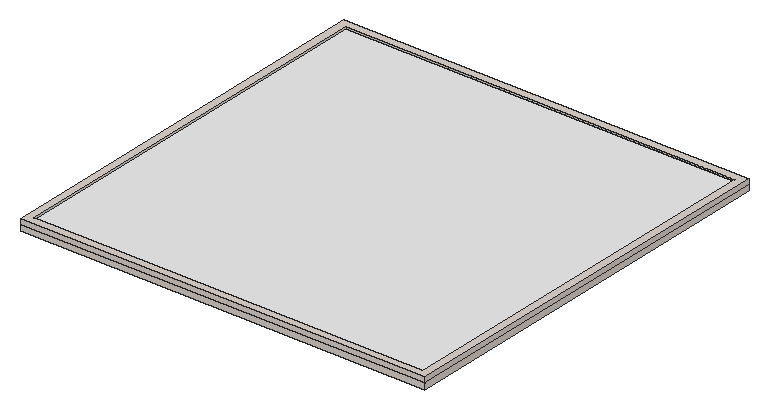
Revit family "SKY LED FLAT PANEL", category Lighting Fixtures, host Face, Revit 2020 (continued)
Types (13): name | Wattage | WATTS | built-in parameter 1150134 | Replaces/Equiv.(MH) | Photometric Web File | Order number | built-in parameter 1150142 | Model | built-in parameter 1150105 | Lumens | built-in parameter 1150107 | built-in parameter 1150106 | Fixture Width | Fixture Length | Default Elevation | Apparent Load
       1.57     1.64     1.71     1.78     1.84     1.91     1.97     2.02     2.09     \r\n 2.15     2.21     2.28     2.34     2.39     2.45     2.50     2.55     2.59     2.64     \r\n 2.67     2.69     2.73     2.75     2.77     2.80     2.83     2.84     2.87     2.90     \r\n 2.92     2.93     2.96     2.98     3.00     3.02     3.04     3.06     3.08     3.10     \r\n 3.13     3.15     3.17     3.20     3.23     3.25     3.28     3.31     3.34     3.37     \r\n 3.40     3.43     3.46     3.50     3.53     3.57     3.60     3.62     3.64     3.66     \r\n 3.66     3.65     3.65     3.63     3.62     3.61     3.61     3.60     3.59     3.58     \r\n 3.58     3.57     3.57     3.56     3.56     3.55     3.55     3.54     3.54     3.54     \r\n 3.15     \r\n1254.92  1255.16  1253.01  1254.07  1251.44  1248.98  1248.20  1245.78  1240.70  1236.62  \r\n 1234.17  1228.60  1225.15  1219.93  1214.68  1209.00  1201.02  1195.86  1188.54  1180.47  \r\n 1171.85  1164.58  1153.78  1145.94  1136.52  1125.94  1116.67  1105.36  1094.92  1083.57  \r\n 1072.39  1059.32  1047.01  1034.76  1020.01  1006.46  993.27   979.81   965.71   951.53   \r\n 936.56   920.55   904.06   888.22   871.43   855.15   837.75   821.39   802.90   785.09   \r\n 766.74   750.17   730.05   711.92   692.35   674.44   653.26   634.32   614.29   594.55   \r\n 573.22   553.33   532.88   512.14   490.29   470.15   448.49   427.08   406.02   385.12   \r\n 363.88   342.10   321.56   300.59   279.76   259.08   239.10   219.27   199.35   180.00   \r\n 161.34   142.53   124.62   107.03   89.95    73.39    58.20    43.03    28.16    13.83    \r\n 2.35     1.01     1.06     1.14     1.21     1.29     1.38     1.45     1.53     1.61     \r\n 1.68     1.76     1.84     1.91     1.98     2.05     2.12     2.18     2.24     2.31     \r\n 2.38     2.45     2.52     2.58     2.64     2.70     2.76     2.81     2.87     2.90     \r\n 2.93     2.96     2.98     3.00     3.02     3.04     3.05     3.06     3.07     3.09     \r\n 3.10     3.11     3.13     3.13     3.15     3.16     3.17     3.18     3.19     3.20     \r\n 3.20     3.22     3.23     3.25     3.26     3.29     3.33     3.38     3.44     3.47     \r\n 3.48     3.51     3.53     3.55     3.58     3.61     3.63     3.67     3.70     3.74     \r\n 3.76     3.79     3.78     3.76     3.75     3.75     3.74     3.73     3.72     3.71     \r\n 3.70     3.70     3.69     3.68     3.68     3.67     3.66     3.65     3.65     3.65     \r\n 3.15     \r\n1254.92  1254.03  1251.71  1251.63  1251.58  1247.40  1245.96  1243.11  1239.67  1236.03  \r\n 1231.07  1226.50  1221.82  1218.20  1210.63  1204.83  1197.42  1192.45  1184.85  1176.45  \r\n 1168.73  1160.44  1151.08  1141.59  1133.66  1122.35  1113.17  1101.51  1092.11  1079.18  \r\n 1068.39  1056.57  1043.96  1032.44  1019.28  1006.29  991.17   977.81   962.84   949.29   \r\n 933.95   919.30   902.81   886.61   870.04   853.95   837.35   820.78   803.11   785.45   \r\n 767.05   749.41   730.85   711.16   693.29   674.50   653.46   634.86   614.48   595.37   \r\n 574.54   553.65   533.02   512.05   492.07   470.60   449.40   428.41   407.59   385.77   \r\n 365.18   343.34   322.87   301.72   281.58   260.21   240.52   220.51   200.72   181.06   \r\n 162.25   143.98   125.71   107.96   90.90    74.46    58.56    43.46    28.34    14.08    \r\n 2.75     1.12     1.08     1.15     1.23     1.31     1.38     1.46     1.54     1.61     \r\n 1.68     1.76     1.83     1.91     1.98     2.05     2.12     2.18     2.24     2.31     \r\n 2.38     2.45     2.51     2.57     2.63     2.69     2.74     2.80     2.85     2.88     \r\n 2.91     2.94     2.97     2.99     3.02     3.04     3.06     3.08     3.10     3.12     \r\n 3.13     3.15     3.17     3.18     3.20     3.21     3.22     3.24     3.25     3.26     \r\n 3.28     3.29     3.31     3.32     3.33     3.38     3.42     3.48     3.55     3.58     \r\n 3.61     3.64     3.67     3.70     3.74     3.76     3.79     3.82     3.83     3.83     \r\n 3.83     3.82     3.81     3.79     3.78     3.76     3.75     3.74     3.73     3.72     \r\n 3.71     3.69     3.68     3.67     3.66     3.65     3.63     3.63     3.62     3.61     \r\n 3.15     \r\n1254.92  1252.30  1252.90  1249.43  1249.84  1245.22  1242.78  1241.96  1237.45  1233.36  \r\n 1228.67  1224.55  1219.43  1213.87  1209.55  1201.48  1195.79  1187.12  1181.31  1173.63  \r\n 1166.32  1157.27  1148.93  1139.47  1129.22  1120.22  1110.42  1100.38  1089.56  1077.23  \r\n 1065.32  1054.87  1040.12  1027.56  1016.40  1003.16  988.82   974.80   961.37   945.54   \r\n 930.88   916.30   901.56   884.92   869.73   853.58   835.78   819.54   803.00   785.14   \r\n 767.72   750.29   731.48   712.76   694.12   675.17   654.15   635.22   615.63   595.55   \r\n 575.49   554.04   533.53   513.02   491.54   470.05   449.20   428.10   406.37   385.46   \r\n 363.25   341.89   320.85   299.84   279.17   258.38   237.93   217.70   197.73   178.29   \r\n 159.06   140.29   122.30   104.62   87.61    71.66    55.73    40.57    25.60    11.57    \r\n 1.73     1.13     1.12     1.19     1.26     1.34     1.41     1.49     1.56     1.64     \r\n 1.72     1.79     1.87     1.94     2.01     2.08     2.14     2.21     2.27     2.34     \r\n 2.40     2.47     2.53     2.59     2.64     2.69     2.75     2.79     2.83     2.87     \r\n 2.91     2.93     2.96     2.99     3.01     3.04     3.06     3.08     3.11     3.13     \r\n 3.14     3.17     3.18     3.20     3.21     3.23     3.25     3.26     3.27     3.29     \r\n 3.31     3.32     3.34     3.35     3.38     3.41     3.46     3.53     3.60     3.63     \r\n 3.66     3.68     3.71     3.73     3.74     3.75     3.76     3.77     3.77     3.77     \r\n 3.75     3.74     3.73     3.71     3.71     3.70     3.68     3.67     3.66     3.64     \r\n 3.62     3.61     3.60     3.58     3.57     3.56     3.55     3.54     3.52     3.52     \r\n 3.15     \r\n1254.92  1253.40  1254.98  1252.71  1249.84  1246.92  1244.38  1242.34  1239.39  1234.85  \r\n 1230.18  1225.81  1220.57  1215.88  1208.96  1202.83  1197.24  1190.34  1181.55  1176.15  \r\n 1168.20  1159.17  1151.57  1141.56  1132.54  1121.86  1113.24  1102.71  1092.83  1081.69  \r\n 1070.89  1058.38  1045.61  1033.75  1020.99  1010.03  996.02   982.71   968.16   954.84   \r\n 938.74   925.59   909.51   894.18   877.80   861.64   845.07   829.44   810.91   793.70   \r\n 775.86   757.87   738.52   719.70   700.88   680.69   660.30   641.02   620.92   600.55   \r\n 578.50   558.27   537.31   515.71   494.43   473.63   451.04   429.68   408.83   386.87   \r\n 365.28   343.57   322.69   300.96   280.16   259.03   238.73   218.22   198.30   178.71   \r\n 159.33   140.89   122.44   104.86   87.47    71.11    55.25    40.19    25.22    11.53    \r\n 1.85     1.15     1.14     1.22     1.29     1.36     1.44     1.51     1.59     1.66     \r\n 1.74     1.81     1.88     1.96     2.02     2.09     2.16     2.23     2.29     2.35     \r\n 2.42     2.47     2.54     2.60     2.65     2.71     2.75     2.80     2.83     2.87     \r\n 2.91     2.94     2.97     3.00     3.03     3.06     3.08     3.10     3.12     3.14     \r\n 3.15     3.17     3.19     3.20     3.22     3.23     3.24     3.26     3.27     3.29     \r\n 3.30     3.32     3.33     3.35     3.37     3.41     3.45     3.49     3.52     3.53     \r\n 3.54     3.54     3.56     3.56     3.56     3.56     3.56     3.56     3.56     3.56     \r\n 3.55     3.54     3.53     3.53     3.52     3.51     3.51     3.50     3.49     3.48     \r\n 3.47     3.46     3.45     3.44     3.43     3.41     3.40     3.39     3.38     3.37     \r\n 3.15     \r\n1254.92  1255.55  1254.55  1252.13  1249.32  1247.64  1243.25  1242.45  1237.08  1232.42  \r\n 1229.99  1224.95  1219.02  1214.10  1208.64  1203.25  1197.63  1189.77  1183.51  1175.77  \r\n 1168.04  1159.99  1151.20  1143.25  1133.12  1123.79  1113.69  1105.15  1095.25  1082.80  \r\n 1072.88  1061.95  1049.78  1038.31  1027.11  1013.09  1000.85  986.41   973.20   958.94   \r\n 945.14   929.30   914.06   898.01   880.97   864.28   847.74   829.28   812.13   793.10   \r\n 775.49   756.95   736.69   717.57   697.80   678.60   658.18   638.20   617.14   597.32   \r\n 576.44   555.31   533.98   512.96   491.05   469.90   447.91   426.62   404.68   383.72   \r\n 361.19   339.56   318.23   297.20   276.02   255.15   234.38   213.63   193.84   174.00   \r\n 155.02   136.23   117.71   100.04   82.97    67.08    51.20    36.16    21.72    8.85     \r\n 1.48     1.15     1.18     1.25     1.33     1.40     1.48     1.55     1.63     1.70     \r\n 1.78     1.85     1.92     1.99     2.06     2.12     2.19     2.26     2.32     2.39     \r\n 2.45     2.51     2.58     2.64     2.68     2.72     2.77     2.81     2.85     2.88     \r\n 2.92     2.95     2.98     3.01     3.03     3.05     3.08     3.10     3.12     3.14     \r\n 3.15     3.17     3.18     3.20     3.22     3.23     3.24     3.26     3.28     3.29     \r\n 3.31     3.33     3.35     3.37     3.39     3.41     3.44     3.45     3.47     3.48     \r\n 3.49     3.50     3.51     3.51     3.51     3.51     3.50     3.49     3.48     3.47     \r\n 3.46     3.45     3.44     3.43     3.42     3.41     3.39     3.39     3.37     3.36     \r\n 3.35     3.34     3.33     3.32     3.31     3.30     3.29     3.27     3.26     3.25     \r\n 3.15     \r\n1254.92  1255.07  1254.00  1250.21  1250.15  1247.56  1243.30  1240.58  1236.37  1232.27  \r\n 1229.62  1225.10  1221.15  1214.90  1207.87  1204.17  1198.19  1190.59  1183.56  1175.77  \r\n 1169.23  1163.32  1153.74  1145.89  1138.51  1128.18  1120.74  1108.73  1100.47  1089.64  \r\n 1080.00  1067.81  1056.88  1044.96  1030.96  1019.46  1005.55  991.13   976.56   962.18   \r\n 947.35   930.10   916.13   899.55   882.50   865.37   849.43   830.43   812.04   794.37   \r\n 775.68   758.01   738.96   719.28   700.01   679.84   659.51   639.44   619.12   598.76   \r\n 578.40   557.09   534.64   514.55   492.89   470.86   449.24   427.69   405.66   384.50   \r\n 362.55   340.63   319.35   297.59   276.68   255.24   234.91   213.94   194.12   174.33   \r\n 155.42   136.51   117.99   100.19   82.77    66.54    50.48    35.88    21.23    8.99     \r\n 1.44     1.14     1.19     1.26     1.34     1.41     1.49     1.56     1.63     1.71     \r\n 1.78     1.85     1.93     1.99     2.07     2.14     2.20     2.27     2.34     2.40     \r\n 2.46     2.51     2.56     2.61     2.66     2.70     2.74     2.78     2.81     2.84     \r\n 2.88     2.90     2.93     2.96     2.98     3.01     3.02     3.05     3.06     3.08     \r\n 3.09     3.11     3.12     3.14     3.16     3.17     3.19     3.21     3.23     3.25     \r\n 3.27     3.29     3.31     3.33     3.34     3.37     3.37     3.38     3.37     3.36     \r\n 3.36     3.36     3.35     3.34     3.34     3.33     3.32     3.32     3.30     3.30     \r\n 3.29     3.28     3.28     3.27     3.26     3.26     3.25     3.26     3.25     3.24     \r\n 3.23     3.22     3.22     3.21     3.20     3.19     3.18     3.18     3.17     3.17     \r\n 3.15     \r\n1254.92  1253.61  1252.11  1249.95  1248.20  1245.74  1242.01  1238.78  1234.14  1231.61  \r\n 1226.98  1223.01  1219.47  1211.70  1208.99  1201.48  1196.08  1190.37  1183.05  1177.52  \r\n 1170.94  1162.16  1155.22  1146.55  1138.90  1129.81  1120.55  1111.42  1101.30  1090.84  \r\n 1079.75  1068.85  1056.84  1044.57  1030.25  1017.49  1003.75  989.42   974.05   959.23   \r\n 944.99   928.03   913.07   895.68   878.83   862.08   845.25   827.71   810.48   792.41   \r\n 773.91   754.04   736.42   716.29   696.52   677.39   657.60   636.56   616.60   595.96   \r\n 575.05   554.00   532.54   510.92   489.94   467.91   446.21   424.19   402.91   380.96   \r\n 359.07   337.14   315.10   294.16   272.57   251.64   230.79   210.11   190.21   170.23   \r\n 151.04   131.81   113.66   95.72    78.56    62.89    47.21    32.64    18.62    6.73     \r\n 1.27     1.15     1.21     1.29     1.37     1.45     1.52     1.59     1.67     1.74     \r\n 1.81     1.89     1.96     2.03     2.10     2.17     2.23     2.30     2.36     2.41     \r\n 2.47     2.51     2.56     2.61     2.65     2.69     2.73     2.76     2.79     2.83     \r\n 2.86     2.88     2.91     2.93     2.95     2.97     2.99     3.01     3.02     3.04     \r\n 3.06     3.07     3.09     3.11     3.12     3.14     3.15     3.16     3.18     3.19     \r\n 3.20     3.21     3.22     3.23     3.24     3.23     3.23     3.22     3.22     3.22     \r\n 3.21     3.21     3.20     3.19     3.18     3.17     3.16     3.15     3.14     3.13     \r\n 3.12     3.11     3.11     3.10     3.10     3.10     3.10     3.10     3.10     3.10     \r\n 3.10     3.10     3.10     3.10     3.10     3.10     3.10     3.10     3.10     3.10     \r\n 3.15     \r\n1254.92  1252.21  1251.66  1249.02  1245.97  1244.54  1241.25  1238.12  1236.41  1232.01  \r\n 1226.50  1223.21  1217.66  1214.87  1209.42  1203.83  1198.13  1191.09  1184.90  1180.28  \r\n 1171.80  1165.35  1157.53  1149.88  1140.62  1133.45  1124.65  1112.90  1102.82  1093.58  \r\n 1080.91  1071.84  1059.38  1045.80  1032.12  1019.12  1006.03  991.08   976.54   960.88   \r\n 946.49   929.89   914.02   898.88   881.30   864.81   847.10   829.73   811.27   794.31   \r\n 775.78   755.69   737.24   718.05   698.20   678.87   658.50   638.14   617.55   596.31   \r\n 575.33   554.35   532.47   511.65   489.75   468.32   446.08   424.41   402.77   380.44   \r\n 358.61   336.48   315.18   293.28   272.64   250.67   230.29   209.64   189.47   169.60   \r\n 150.63   131.67   113.18   95.74    78.24    62.29    46.67    32.51    18.61    6.71     \r\n 1.14     1.14     1.22     1.29     1.36     1.44     1.51     1.59     1.66     1.74     \r\n 1.81     1.89     1.96     2.03     2.10     2.16     2.22     2.28     2.33     2.39     \r\n 2.43     2.48     2.53     2.56     2.60     2.64     2.68     2.71     2.74     2.77     \r\n 2.80     2.83     2.85     2.87     2.89     2.90     2.92     2.94     2.95     2.96     \r\n 2.98     2.99     2.99     3.01     3.02     3.02     3.03     3.04     3.05     3.06     \r\n 3.08     3.08     3.08     3.08     3.08     3.07     3.07     3.07     3.06     3.05     \r\n 3.04     3.02     3.00     3.00     2.99     2.98     2.97     2.96     2.95     2.95     \r\n 2.95     2.95     2.95     2.95     2.96     2.96     2.97     2.98     2.99     2.99     \r\n 3.01     3.01     3.02     3.03     3.05     3.05     3.06     3.07     3.08     3.08     \r\n 3.15     \r\n1254.92  1251.39  1250.95  1250.01  1246.95  1244.14  1242.08  1239.10  1235.58  1230.71  \r\n 1228.01  1223.85  1221.19  1214.27  1211.15  1206.16  1199.23  1193.36  1186.73  1180.86  \r\n 1173.71  1167.24  1158.66  1152.09  1143.16  1135.44  1124.93  1116.24  1105.32  1094.10  \r\n 1083.10  1071.25  1058.59  1045.17  1033.73  1018.30  1004.33  990.28   976.52   961.64   \r\n 946.51   929.51   913.00   896.85   879.30   862.33   844.61   826.44   808.87   790.36   \r\n 771.18   752.38   732.75   712.56   692.48   673.28   652.43   632.98   611.83   590.58   \r\n 569.05   548.64   526.59   505.77   483.45   461.92   439.87   418.05   396.08   374.22   \r\n 352.72   331.22   309.21   288.02   266.31   245.55   224.87   204.32   184.16   164.62   \r\n 145.41   126.61   108.71   91.04    74.31    58.63    43.61    29.60    16.40    4.84     \r\n 1.20     1.15     1.22     1.30     1.37     1.45     1.53     1.60     1.68     1.75     \r\n 1.82     1.90     1.97     2.03     2.10     2.16     2.22     2.28     2.33     2.37     \r\n 2.42     2.47     2.51     2.55     2.59     2.63     2.65     2.69     2.72     2.74     \r\n 2.76     2.78     2.80     2.82     2.83     2.85     2.86     2.87     2.88     2.89     \r\n 2.90     2.91     2.91     2.92     2.92     2.92     2.93     2.93     2.94     2.94     \r\n 2.95     2.95     2.95     2.95     2.95     2.94     2.92     2.91     2.90     2.88     \r\n 2.87     2.86     2.86     2.85     2.84     2.84     2.84     2.84     2.84     2.85     \r\n 2.86     2.87     2.88     2.89     2.90     2.92     2.94     2.96     2.97     2.99     \r\n 3.01     3.02     3.04     3.05     3.07     3.07     3.09     3.09     3.10     3.12     \r\n 3.15     \r\n1254.92  1253.35  1252.72  1249.35  1247.31  1246.66  1243.10  1239.29  1237.19  1232.
    74  \r\n 1229.93  1226.33  1220.11  1217.47  1213.53  1207.99  1202.17  1195.15  1190.30  1183.69  \r\n 1176.55  1170.50  1163.31  1153.55  1145.50  1135.67  1128.26  1116.88  1106.88  1097.05  \r\n 1084.17  1073.95  1061.00  1047.86  1035.25  1021.06  1007.24  992.94   977.75   962.64   \r\n 945.25   929.95   914.34   896.98   878.74   861.86   844.32   826.22   807.31   789.33   \r\n 770.10   750.86   730.87   711.95   691.64   671.86   651.63   631.13   610.09   589.98   \r\n 568.29   547.99   526.09   505.29   483.63   461.29   439.65   418.25   396.22   373.77   \r\n 353.17   330.76   309.75   287.96   266.82   245.42   224.96   204.47   184.76   165.04   \r\n 146.31   127.59   109.32   91.84    75.08    59.35    43.97    30.38    17.15    5.29     \r\n 1.09     1.10     1.19     1.27     1.35     1.43     1.51     1.59     1.66     1.74     \r\n 1.81     1.88     1.95     2.02     2.08     2.15     2.20     2.25     2.31     2.36     \r\n 2.41     2.45     2.49     2.53     2.56     2.60     2.63     2.65     2.68     2.71     \r\n 2.73     2.74     2.77     2.78     2.79     2.80     2.81     2.83     2.83     2.84     \r\n 2.84     2.84     2.84     2.84     2.84     2.84     2.84     2.84     2.84     2.84     \r\n 2.84     2.84     2.85     2.84     2.83     2.82     2.81     2.80     2.79     2.79     \r\n 2.79     2.79     2.79     2.79     2.79     2.79     2.80     2.81     2.81     2.83     \r\n 2.84     2.85     2.87     2.89     2.91     2.93     2.95     2.97     2.99     3.01     \r\n 3.03     3.04     3.05     3.07     3.08     3.09     3.11     3.12     3.14     3.14     \r\n 3.15     \r\n" | "SFLP24D3840" | 294.44 (stored number, unit not read) | 3700 lm | 4000 (stored number, unit not read) | 2.9444 (stored number, unit not read) | 23.74" | 47.80" | 0.00" | 47.5 VA
  SFLP24D4830 | 32.6507 W | 48 W | (empty or 0) | "3x32W FL and 4x32W FL" | "generic" | "14223K" | (empty or 0) | "SFLP24D4830" | 385.95 (stored number, unit not read) | 4850 lm | 3000 (stored number, unit not read) | 3.8595 (stored number, unit not read) | 23.74" | 47.80" | 0.00" | 60 VA
